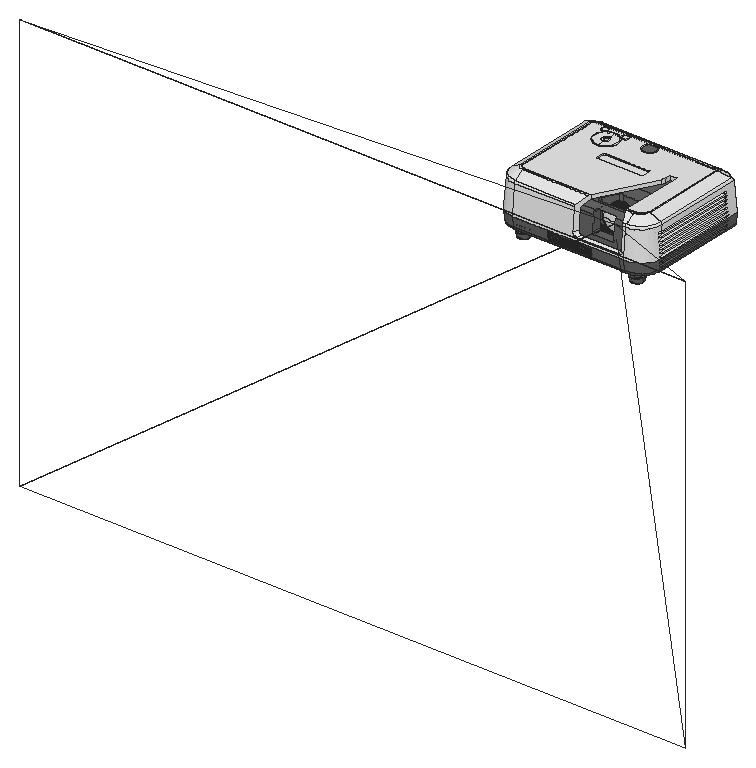
Revit family "Electronics_Visual Electronics_ViewSonic_LS700-HD-4K_Projector", category Electrical Equipment, Revit 2017
Family settings
  Panel Configuration = Two Columns, Circuits Across
  Round Connector Dimension = Use Diameter
  Part Type = Panelboard
  OmniClass Number = 23.80.00.00
  OmniClass Title = Electric Power and Lighting
  Work Plane-Based = No
  Always vertical = Yes
  Cut with Voids When Loaded = No
  Shared = No
  Room Calculation Point = No
Parameters (values of type "LS700-4K")
  c = / : "16 - 10"
  b = / : "16 - 9"
  a = / : "4  - 3"
  Zoom Control = if(Zoom < 1, 1, if(Zoom > 1.3, 1.3, Zoom))  # 1
  Zoom = 1
  Width = sqrt((Diagonal * Zoom Control) ^ 2 - Height ^ 2)  # 1741.177 mm
  Video Compatibility = "NTSC, PAL, SECAM"
  Vertical Scan Rate = "23-120Hz"
  URL = "https://www.viewsonic.com/us/ls700-4k.html"
  Throw Ratio = "1.13-1.47"
  Throw Distance = "1.5-8.79m"
  Resolution Support = "VGA(640 x 480) to 4K(3840 x 2160)"
  Projection System = "0.47\" 4K-UHD"
  Projection Offset = "100%+/-5%"
  Projection Distance = if(Image Aspect Ratio = a, (sqrt(Width ^ 2 + Height ^ 2) * 0.903) / (Zoom Control), if(and(Image Aspect Ratio = b, LS7004K), (sqrt(Width ^ 2 + Height ^ 2) * 0.427) / (Zoom Control), if(and(Image Aspect Ratio = b, LS700HD), (sqrt(Width ^ 2 + Height ^ 2) * 0.984) / (Zoom Control), if(and(Image Aspect Ratio = c, LS7004K), (sqrt(Width ^ 2 + Height ^ 2) * 0.4155) / (Zoom Control), if(and(Image Aspect Ratio = c, LS700HD), (sqrt(Width ^ 2 + Height ^ 2) * 0.958) / (Zoom Control), 0 mm)))))  # 854.268 mm
  Product data url = "https://www.bimobject.com/viewsonic/product/viewsonic_ls700-4k_projector"
  Product Guid = "0a2abd86-40ab-4542-9635-2b6c54f875b4"
  Optical Zoom = "1.3X"
  Native Resolution = "3840x2160"
  Model = "viewsonic_ls700-4k_projector"
  Manufacturer = "ViewSonic"
  Light Source Type = "Laser Phosphor system"
  Light Source Life (Normal) = "up to 20000"
  Lens = "F=1.9-2.49, f=12-15.6mm"
  Lamp Watt = "Nichia MCD"
  LS700HD = no
  LS7004K = yes
  Keystone = "+/- 40° (V)"
  Keynote = "16800"
  Input Lag = "66ms"
  Image Size = "60\" - 300\""
  Image Aspect Ratio = / : "16 - 10"
  IAR = if(Image Aspect Ratio = a, 1.3355, if(Image Aspect Ratio = b, 1.768, 1.5925))  # 1.5925
  Horizontal Frequency = "15K-102KHz"
  Height = sqrt((Diagonal ^ 2 * Zoom Control ^ 2) / (IAR ^ 2 + 1))  # 1093.361 mm
  HDTV Compatibility = "480i, 480p, 576i, 576p, 720p, 1080i, 1080p,2160P"
  Edition number = 1
  Display Colour = "1.07 Billion Colours"
  Digital Zoom = "0.8x - 2.0x"
  Diagonal (Zoom) = sqrt(Width ^ 2 + Height ^ 2)  # 2056 mm
  Diagonal = 2056 mm
  Description = "LS700-4K - 3840 x 2160 Resolution, 3,300 ANSI Lumens, 1.13-1.47 Throw Ratio\r\n\r\nCombining laser technology with 4K Ultra HD resolution and 3,300 lumens of high brightness, the LS700-4K projector delivers a premium home theater experience in any room, day or night. Utilizing the latest laser light technology that lasts up to 20,000 hours*, the LS700-4K delivers long-term enjoyment for movies, games, and other multimedia entertainment. Featuring HDR compatibility, exclusive SuperColor™ technology, and true Ultra HD 3840 x 2160 resolution, the LS700-4K delivers a breathtaking home cinema experience you expect to only get at the movie theater. With high brightness and room-filling sound, this projector provides bright visuals and immersive audio in nearly any room or environment. Set-up is a breeze too: 1.3x optical zoom and versatile connectivity options allow for more flexible mounting and easy installation. For an amazing home theater viewing experience with lifelike color and razor-sharp details, the LS700-4K delivers."
  DMD Type = "DC3"
  Covering Color = Plastic - ViewSonic - White
  Contrast Ratio = "3000000:1"
  Brightness = "3300 ANSI Lumens"
  Audible Noise (Normal) = "34dB"
  Audible Noise (Eco) = "32dB"
  Assembly Code = "D50"
Reference planes
  plane 1 "Center (Front/Back)": y = 0
  plane 2: z = 0
  plane 3 "Center (Left/Right)": x = 0
  plane 4: z = 111.797
  plane 5: y = -121.875
  plane 6: y = 118.236
  plane 7: x = -94.6
  plane 8: x = 87.651
Forms (mm)
  Sweep 1, solid, material "Plastic - ViewSonic - White" <- "Covering Color", visible <- "LS700HD", detail levels fine
    path origin (0, 0, 0) x (1, 0, 0) y (0, 1, 0)
      loop
        line (147.005, 130.208) -> (158.839, 130.208) -> (171.941, 122.946) -> (171.941, -100.684)
        arc (171.941, -100.684) -> (163.154, -121.897) -> (141.941, -130.684) r 30
        line (141.941, -130.684) -> (-147.941, -130.684)
        arc (-147.941, -130.684) -> (-164.911, -123.654) -> (-171.941, -106.684) r 24
        line (-171.941, -106.684) -> (-171.941, 122.946) -> (-158.839, 130.208) -> (-147.005, 130.208)
    profile origin (-171.941, 122.946, 0) x (-1, 0, 0) y (0, 0, 1)
      loop
        arc (-5.737, 155.807) -> (-7.624, 156.541) -> (-9.633, 156.786) r 8.146
        line (-9.633, 156.786) -> (-9.633, 146.4) -> (6.84, 136.889)
        arc (6.84, 136.889) -> (10.797, 133.068) -> (12.497, 127.836) r 11.369
        line (12.497, 127.836) -> (17.178, 60.903) -> (27.202, 60.903) -> (21.97, 135.72)
        arc (21.97, 135.72) -> (21.101, 138.847) -> (19.074, 141.382) r 8.107
        spline (19.074, 141.382) -> (17.039, 142.639) -> (14.997, 143.885) -> (12.95, 145.122) -> (10.897, 146.349) -> (8.837, 147.566) -> (6.772, 148.774) -> (4.702, 149.971) -> (2.625, 151.158) -> (0.543, 152.335) -> (-1.545, 153.503) -> (-3.638, 154.66) -> (-5.737, 155.807)
      loop
        line (27.187, 60.682) -> (17.162, 60.682) -> (15.726, 40.147)
        arc (15.726, 40.147) -> (14.98, 37.849) -> (13.244, 36.169) r 5
        line (13.244, 36.169) -> (-0.993, 27.925) -> (-0.993, 17.525)
        arc (-0.993, 17.525) -> (0.798, 17.702) -> (2.468, 18.373) r 6.347
        line (2.468, 18.373) -> (21.599, 29.452)
        arc (21.599, 29.452) -> (24.281, 32.046) -> (25.432, 35.595) r 7.721
        line (25.432, 35.595) -> (27.187, 60.682)
  Extrusion 2, void
    sketch origin (0, 0, 0) x (0, 1, 0) y (0, 0, 1)
      loop
        arc (-109.875, 123.797) -> (-112.875, 120.797) -> (-109.875, 117.797) r 3
        line (-109.875, 117.797) -> (110.125, 117.797)
        arc (110.125, 117.797) -> (113.125, 120.797) -> (110.125, 123.797) r 3
        line (110.125, 123.797) -> (-109.875, 123.797)
      loop
        arc (-109.875, 114.797) -> (-112.875, 111.797) -> (-109.875, 108.797) r 3
        line (-109.875, 108.797) -> (110.125, 108.797)
        arc (110.125, 108.797) -> (113.125, 111.797) -> (110.125, 114.797) r 3
        line (110.125, 114.797) -> (-109.875, 114.797)
      loop
        arc (-109.875, 105.797) -> (-112.875, 102.797) -> (-109.875, 99.797) r 3
        line (-109.875, 99.797) -> (110.125, 99.797)
        arc (110.125, 99.797) -> (113.125, 102.797) -> (110.125, 105.797) r 3
        line (110.125, 105.797) -> (-109.875, 105.797)
      loop
        arc (-109.875, 96.797) -> (-112.875, 93.797) -> (-109.875, 90.797) r 3
        line (-109.875, 90.797) -> (110.125, 90.797)
        arc (110.125, 90.797) -> (113.125, 93.797) -> (110.125, 96.797) r 3
        line (110.125, 96.797) -> (-109.875, 96.797)
      loop
        arc (-109.875, 87.797) -> (-112.875, 84.797) -> (-109.875, 81.797) r 3
        line (-109.875, 81.797) -> (110.125, 81.797)
        arc (110.125, 81.797) -> (113.125, 84.797) -> (110.125, 87.797) r 3
        line (110.125, 87.797) -> (-109.875, 87.797)
      loop
        arc (-109.875, 78.797) -> (-112.875, 75.797) -> (-109.875, 72.797) r 3
        line (-109.875, 72.797) -> (110.125, 72.797)
        arc (110.125, 72.797) -> (113.125, 75.797) -> (110.125, 78.797) r 3
        line (110.125, 78.797) -> (-109.875, 78.797)
      loop
        arc (-109.875, 69.797) -> (-112.875, 66.797) -> (-109.875, 63.797) r 3
        line (-109.875, 63.797) -> (110.125, 63.797)
        arc (110.125, 63.797) -> (113.125, 66.797) -> (110.125, 69.797) r 3
        line (110.125, 69.797) -> (-109.875, 69.797)
      loop
        arc (-109.875, 57.5) -> (-112.875, 54.5) -> (-109.875, 51.5) r 3
        line (-109.875, 51.5) -> (110.125, 51.5)
        arc (110.125, 51.5) -> (113.125, 54.5) -> (110.125, 57.5) r 3
        line (110.125, 57.5) -> (-109.875, 57.5)
      loop
        arc (-109.875, 48.5) -> (-112.875, 45.5) -> (-109.875, 42.5) r 3
        line (-109.875, 42.5) -> (110.125, 42.5)
        arc (110.125, 42.5) -> (113.125, 45.5) -> (110.125, 48.5) r 3
        line (110.125, 48.5) -> (-109.875, 48.5)
      loop
        arc (-109.875, 40.5) -> (-112.875, 37.5) -> (-109.875, 34.5) r 3
        line (-109.875, 34.5) -> (110.125, 34.5)
        arc (110.125, 34.5) -> (113.125, 37.5) -> (110.125, 40.5) r 3
        line (110.125, 40.5) -> (-109.875, 40.5)
    from -248.129 to 250
  Extrusion 3, solid, material "Plastic - ViewSonic - White" <- "Covering Color", visible <- "LS700HD", detail levels fine
    sketch origin (0, 0, 0) x (1, 0, 0) y (0, 1, 0)
      loop
        arc (98.91, 18.655) -> (100.815, 23.723) -> (101.463, 29.098) r 22.638
        line (101.463, 29.098) -> (101.463, 41.46)
        arc (101.463, 41.46) -> (101.756, 42.167) -> (102.463, 42.46) r 1
        line (102.463, 42.46) -> (118.47, 42.46)
        arc (118.47, 42.46) -> (119.177, 42.167) -> (119.47, 41.46) r 1
        line (119.47, 41.46) -> (119.47, -121.05) -> (141.941, -121.05)
        arc (141.941, -121.05) -> (156.342, -115.085) -> (162.307, -100.684) r 20.367
        line (162.307, -100.684) -> (162.307, 117.271) -> (156.348, 120.575) -> (-156.348, 120.575) -> (-162.307, 117.271) -> (-162.307, -106.684)
        arc (-162.307, -106.684) -> (-158.099, -116.842) -> (-147.941, -121.05) r 14.367
        line (-147.941, -121.05) -> (26.274, -121.05) -> (98.91, 18.655)
    from 146.4 to 156.786
  SweptBlend 4, void
    path origin (0, 0, 0) x (1, 0, 0) y (0, 1, 0)
      loop
        line (71.75, -119.085) -> (71.75, -164.085)
    profile origin (71.75, -119.085, 0) x (1, 0, 0) y (0, 0, 1)
      loop
        line (-44.226, 163.857) -> (-44.226, 87.188)
        arc (-44.226, 87.188) -> (-42.761, 83.652) -> (-39.226, 82.188) r 5
        line (-39.226, 82.188) -> (41.788, 82.188)
        arc (41.788, 82.188) -> (45.323, 83.652) -> (46.788, 87.188) r 5
        line (46.788, 87.188) -> (46.788, 163.857) -> (-44.226, 163.857)
    end profile origin (71.75, -164.085, 0) x (1, 0, 0) y (0, 0, 1)
      loop
        line (-44.055, 174.063) -> (-65.704, 148.262)
        arc (-65.704, 148.262) -> (-68.794, 142.801) -> (-69.721, 136.595) r 17.216
        line (-69.721, 136.595) -> (-67.635, 76.839)
        arc (-67.635, 76.839) -> (-64.587, 69.994) -> (-57.641, 67.188) r 10
        line (-57.641, 67.188) -> (58.146, 67.188)
        arc (58.146, 67.188) -> (65.217, 70.117) -> (68.146, 77.188) r 10
        line (68.146, 77.188) -> (68.146, 174.063) -> (-44.055, 174.063)
  Extrusion 5, solid, material "Plastic - ViewSonic - Black", visible <- "LS700HD", detail levels medium+fine
    sketch origin (0, 0, 0) x (0, 1, 0) y (0, 0, 1)
      loop
        arc (-137.524, 136.889) -> (-141.481, 133.068) -> (-143.181, 127.836) r 11.369
        line (-143.181, 127.836) -> (-147.861, 60.903) -> (-146.398, 39.972)
        arc (-146.398, 39.972) -> (-145.692, 37.801) -> (-144.051, 36.216) r 4.717
        line (-144.051, 36.216) -> (-129.691, 27.925) -> (118.95, 27.925) -> (118.95, 146.4) -> (-26.05, 146.4) -> (-121.05, 146.4) -> (-137.524, 136.889)
      loop
        line (-127.812, 60.903) -> (-73.41, 60.903) -> (-73.41, 126.441) -> (-123.23, 126.441) -> (-127.812, 60.903)
    from -153.533 to 148.354
  SweptBlend 6, void
    path origin (0, 0, 0) x (1, 0, 0) y (0, 1, 0)
      loop
        line (74.47, -110.372) -> (74.47, -160.372)
    profile origin (74.47, -110.372, 0) x (1, 0, 0) y (0, 0, 1)
      loop
        arc (-15.995, 136.838) -> (-19.53, 135.374) -> (-20.995, 131.838) r 5
        line (-20.995, 131.838) -> (-20.995, 91.838)
        arc (-20.995, 91.838) -> (-19.53, 88.302) -> (-15.995, 86.838) r 5
        line (-15.995, 86.838) -> (24.005, 86.838)
        arc (24.005, 86.838) -> (27.541, 88.302) -> (29.005, 91.838) r 5
        line (29.005, 91.838) -> (29.005, 131.838)
        arc (29.005, 131.838) -> (27.541, 135.374) -> (24.005, 136.838) r 5
        line (24.005, 136.838) -> (-15.995, 136.838)
    end profile origin (74.47, -160.372, 0) x (1, 0, 0) y (0, 0, 1)
      loop
        line (-21.348, 83.085) -> (28.652, 83.085)
        arc (28.652, 83.085) -> (32.187, 84.55) -> (33.652, 88.085) r 5
        line (33.652, 88.085) -> (33.652, 138.085)
        arc (33.652, 138.085) -> (32.187, 141.621) -> (28.652, 143.085) r 5
        line (28.652, 143.085) -> (-21.348, 143.085)
        arc (-21.348, 143.085) -> (-24.884, 141.621) -> (-26.348, 138.085) r 5
        line (-26.348, 138.085) -> (-26.348, 88.085)
        arc (-26.348, 88.085) -> (-24.884, 84.55) -> (-21.348, 83.085) r 5
  SweptBlend 7, void
    path origin (0, 0, 0) x (1, 0, 0) y (0, 0, 1)
      loop
        line (79, 81.872) -> (79, 158.609)
    profile origin (79, 0, 81.872) x (-1, 0, 0) y (0, -1, 0)
      loop
        arc (12.995, 73.41) -> (15.682, 74.193) -> (17.527, 76.297) r 5
        line (17.527, 76.297) -> (27.054, 96.729)
        arc (27.054, 96.729) -> (26.425, 106.328) -> (17.991, 110.955) r 10
        line (17.991, 110.955) -> (-20.409, 110.955)
        arc (-20.409, 110.955) -> (-23.945, 109.49) -> (-25.409, 105.955) r 5
        line (-25.409, 105.955) -> (-25.409, 78.41)
        arc (-25.409, 78.41) -> (-23.945, 74.874) -> (-20.409, 73.41) r 5
        line (-20.409, 73.41) -> (12.995, 73.41)
    end profile origin (79, 0, 158.609) x (-1, 0, 0) y (0, -1, 0)
      loop
        arc (13.651, 63.14) -> (18.355, 64.456) -> (21.693, 68.022) r 9.064
        line (21.693, 68.022) -> (41.6, 106.311)
        arc (41.6, 106.311) -> (41.366, 113.383) -> (35.2, 116.853) r 7.214
        line (35.2, 116.853) -> (-28.119, 116.853)
        arc (-28.119, 116.853) -> (-33.809, 114.496) -> (-36.165, 108.806) r 8.047
        line (-36.165, 108.806) -> (-36.165, 71.271)
        arc (-36.165, 71.271) -> (-33.784, 65.521) -> (-28.034, 63.14) r 8.132
        line (-28.034, 63.14) -> (13.651, 63.14)
  Revolve 8, solid, material "Plastic - ViewSonic - White" <- "Covering Color", visible <- "LS700HD", detail levels medium+fine
    sketch origin (-6096, -112.875, 111.797) x (0, 1, 0) y (-1, 0, 0)
      loop
        line (39.465, -6175) -> (-4.93, -6175)
        arc (-4.93, -6175) -> (-3.621, -6188.248) -> (0.257, -6200.982) r 67.662
        line (0.257, -6200.982) -> (1.817, -6200.982) -> (1.817, -6205.553) -> (2.783, -6205.22) -> (3.789, -6205.489) -> (4.791, -6205.202) -> (5.795, -6205.471) -> (6.786, -6205.187) -> (7.793, -6205.475) -> (8.788, -6205.19) -> (9.792, -6205.478) -> (10.788, -6205.193) -> (11.792, -6205.481) -> (12.789, -6205.195) -> (13.794, -6205.483) -> (14.79, -6205.197) -> (15.78, -6205.519) -> (16.777, -6205.156) -> (17.801, -6205.45) -> (18.784, -6205.186) -> (19.793, -6205.476) -> (20.837, -6205.196) -> (21.795, -6205.471) -> (22.792, -6205.204) -> (23.792, -6205.49) -> (24.89, -6205.196) -> (25.76, -6205.602) -> (26.798, -6205.224) -> (27.792, -6205.49) -> (28.803, -6205.122) -> (29.768, -6205.572) -> (30.791, -6205.2) -> (30.791, -6192.016) -> (39.465, -6192.016) -> (39.465, -6175)
      axis (-4.93, -6175) -> (39.465, -6175)
    angle from 0 to 360
  Extrusion 9, void
    sketch origin (0, 0, 0) x (1, 0, 0) y (0, 0, 1)
      loop
        circle (-56.003, 56.499) r 1.029
      loop
        circle (-52.003, 56.499) r 1.029
      loop
        circle (-48.003, 56.499) r 1.029
      loop
        circle (-44.003, 56.499) r 1.029
      loop
        circle (-40.003, 56.499) r 1.029
      loop
        circle (-36.003, 56.499) r 1.029
      loop
        circle (-32.003, 56.499) r 1.029
      loop
        circle (-28.003, 56.499) r 1.029
      loop
        circle (-24.003, 56.499) r 1.029
      loop
        circle (-20.003, 56.499) r 1.029
      loop
        circle (-16.003, 56.499) r 1.029
      loop
        circle (-12.003, 56.499) r 1.029
      loop
        circle (15.997, 56.499) r 1.029
      loop
        circle (19.997, 56.499) r 1.029
      loop
        circle (23.997, 56.499) r 1.029
      loop
        circle (27.997, 56.499) r 1.029
      loop
        circle (31.997, 56.499) r 1.029
      loop
        circle (35.997, 56.499) r 1.029
      loop
        circle (-8.003, 56.499) r 1.029
      loop
        circle (-4.003, 56.499) r 1.029
      loop
        circle (-0.003, 56.499) r 1.029
      loop
        circle (3.997, 56.499) r 1.029
      loop
        circle (7.997, 56.499) r 1.029
      loop
        circle (11.997, 56.499) r 1.029
      loop
        circle (39.997, 56.499) r 1.029
      loop
        circle (43.997, 56.499) r 1.029
      loop
        circle (47.997, 56.499) r 1.029
      loop
        circle (51.997, 56.499) r 1.029
      loop
        circle (55.997, 56.499) r 1.029
      loop
        circle (-56.003, 52.499) r 1.029
      loop
        circle (-52.003, 52.499) r 1.029
      loop
        circle (-48.003, 52.499) r 1.029
      loop
        circle (-44.003, 52.499) r 1.029
      loop
        circle (-40.003, 52.499) r 1.029
      loop
        circle (-36.003, 52.499) r 1.029
      loop
        circle (-32.003, 52.499) r 1.029
      loop
        circle (-28.003, 52.499) r 1.029
      loop
        circle (-24.003, 52.499) r 1.029
      loop
        circle (-20.003, 52.499) r 1.029
      loop
        circle (-16.003, 52.499) r 1.029
      loop
        circle (-12.003, 52.499) r 1.029
      loop
        circle (15.997, 52.499) r 1.029
      loop
        circle (19.997, 52.499) r 1.029
      loop
        circle (23.997, 52.499) r 1.029
      loop
        circle (27.997, 52.499) r 1.029
      loop
        circle (31.997, 52.499) r 1.029
      loop
        circle (35.997, 52.499) r 1.029
      loop
        circle (-8.003, 52.499) r 1.029
      loop
        circle (-4.003, 52.499) r 1.029
      loop
        circle (-0.003, 52.499) r 1.029
      loop
        circle (3.997, 52.499) r 1.029
      loop
        circle (7.997, 52.499) r 1.029
      loop
        circle (11.997, 52.499) r 1.029
      loop
        circle (39.997, 52.499) r 1.029
      loop
        circle (43.997, 52.499) r 1.029
      loop
        circle (47.997, 52.499) r 1.029
      loop
        circle (51.997, 52.499) r 1.029
      loop
        circle (55.997, 52.499) r 1.029
      loop
        circle (-56.003, 48.499) r 1.029
      loop
        circle (-52.003, 48.499) r 1.029
      loop
        circle (-48.003, 48.499) r 1.029
      loop
        circle (-44.003, 48.499) r 1.029
      loop
        circle (-40.003, 48.499) r 1.029
      loop
        circle (-36.003, 48.499) r 1.029
      loop
        circle (-32.003, 48.499) r 1.029
      loop
        circle (-28.003, 48.499) r 1.029
      loop
        circle (-24.003, 48.499) r 1.029
      loop
        circle (-20.003, 48.499) r 1.029
      loop
        circle (-16.003, 48.499) r 1.029
      loop
        circle (-12.003, 48.499) r 1.029
      loop
        circle (15.997, 48.499) r 1.029
      loop
        circle (19.997, 48.499) r 1.029
      loop
        circle (23.997, 48.499) r 1.029
      loop
        circle (27.997, 48.499) r 1.029
      loop
        circle (31.997, 48.499) r 1.029
      loop
        circle (35.997, 48.499) r 1.029
      loop
        circle (-8.003, 48.499) r 1.029
      loop
        circle (-4.003, 48.499) r 1.029
      loop
        circle (-0.003, 48.499) r 1.029
      loop
        circle (3.997, 48.499) r 1.029
      loop
        circle (7.997, 48.499) r 1.029
      loop
        circle (11.997, 48.499) r 1.029
      loop
        circle (39.997, 48.499) r 1.029
      loop
        circle (43.997, 48.499) r 1.029
      loop
        circle (47.997, 48.499) r 1.029
      loop
        circle (51.997, 48.499) r 1.029
      loop
        circle (55.997, 48.499) r 1.029
      loop
        circle (-56.003, 44.499) r 1.029
      loop
        circle (-52.003, 44.499) r 1.029
      loop
        circle (-48.003, 44.499) r 1.029
      loop
        circle (-44.003, 44.499) r 1.029
      loop
        circle (-40.003, 44.499) r 1.029
      loop
        circle (-36.003, 44.499) r 1.029
      loop
        circle (-32.003, 44.499) r 1.029
      loop
        circle (-28.003, 44.499) r 1.029
      loop
        circle (-24.003, 44.499) r 1.029
      loop
        circle (-20.003, 44.499) r 1.029
      loop
        circle (-16.003, 44.499) r 1.029
      loop
        circle (-12.003, 44.499) r 1.029
      loop
        circle (15.997, 44.499) r 1.029
      loop
        circle (19.997, 44.499) r 1.029
      loop
        circle (23.997, 44.499) r 1.029
      loop
        circle (27.997, 44.499) r 1.029
      loop
        circle (31.997, 44.499) r 1.029
      loop
        circle (35.997, 44.499) r 1.029
      loop
        circle (-8.003, 44.499) r 1.029
      loop
        circle (-4.003, 44.499) r 1.029
      loop
        circle (-0.003, 44.499) r 1.029
      loop
        circle (3.997, 44.499) r 1.029
      loop
        circle (7.997, 44.499) r 1.029
      loop
        circle (11.997, 44.499) r 1.029
      loop
        circle (39.997, 44.499) r 1.029
      loop
        circle (43.997, 44.499) r 1.029
      loop
        circle (47.997, 44.499) r 1.029
      loop
        circle (51.997, 44.499) r 1.029
      loop
        circle (55.997, 44.499) r 1.029
      loop
        circle (-56.003, 40.499) r 1.029
      loop
        circle (-52.003, 40.499) r 1.029
      loop
        circle (-48.003, 40.499) r 1.029
      loop
        circle (-44.003, 40.499) r 1.029
      loop
        circle (-40.003, 40.499) r 1.029
      loop
        circle (-36.003, 40.499) r 1.029
      loop
        circle (-32.003, 40.499) r 1.029
      loop
        circle (-28.003, 40.499) r 1.029
      loop
        circle (-24.003, 40.499) r 1.029
      loop
        circle (-20.003, 40.499) r 1.029
      loop
        circle (-16.003, 40.499) r 1.029
      loop
        circle (-12.003, 40.499) r 1.029
      loop
        circle (15.997, 40.499) r 1.029
      loop
        circle (19.997, 40.499) r 1.029
      loop
        circle (23.997, 40.499) r 1.029
      loop
        circle (27.997, 40.499) r 1.029
      loop
        circle (31.997, 40.499) r 1.029
      loop
        circle (35.997, 40.499) r 1.029
      loop
        circle (-8.003, 40.499) r 1.029
      loop
        circle (-4.003, 40.499) r 1.029
      loop
        circle (-0.003, 40.499) r 1.029
      loop
        circle (3.997, 40.499) r 1.029
      loop
        circle (7.997, 40.499) r 1.029
      loop
        circle (11.997, 40.499) r 1.029
      loop
        circle (39.997, 40.499) r 1.029
      loop
        circle (43.997, 40.499) r 1.029
      loop
        circle (47.997, 40.499) r 1.029
      loop
        circle (51.997, 40.499) r 1.029
      loop
        circle (55.997, 40.499) r 1.029
      loop
        circle (-56.003, 36.499) r 1.029
      loop
        circle (-52.003, 36.499) r 1.029
      loop
        circle (-48.003, 36.499) r 1.029
      loop
        circle (-44.003, 36.499) r 1.029
      loop
        circle (-40.003, 36.499) r 1.029
      loop
        circle (-36.003, 36.499) r 1.029
      loop
        circle (-32.003, 36.499) r 1.029
      loop
        circle (-28.003, 36.499) r 1.029
      loop
        circle (-24.003, 36.499) r 1.029
      loop
        circle (-20.003, 36.499) r 1.029
      loop
        circle (-16.003, 36.499) r 1.029
      loop
        circle (-12.003, 36.499) r 1.029
      loop
        circle (15.997, 36.499) r 1.029
      loop
        circle (19.997, 36.499) r 1.029
      loop
        circle (23.997, 36.499) r 1.029
      loop
        circle (27.997, 36.499) r 1.029
      loop
        circle (31.997, 36.499) r 1.029
      loop
        circle (35.997, 36.499) r 1.029
      loop
        circle (-8.003, 36.499) r 1.029
      loop
        circle (-4.003, 36.499) r 1.029
      loop
        circle (-0.003, 36.499) r 1.029
      loop
        circle (3.997, 36.499) r 1.029
      loop
        circle (7.997, 36.499) r 1.029
      loop
        circle (11.997, 36.499) r 1.029
      loop
        circle (39.997, 36.499) r 1.029
      loop
        circle (43.997, 36.499) r 1.029
      loop
        circle (47.997, 36.499) r 1.029
      loop
        circle (51.997, 36.499) r 1.029
      loop
        circle (55.997, 36.499) r 1.029
    from 0 to 250
  Extrusion 10, solid, material "Plastic - ViewSonic - Black", visible <- "LS700HD", detail levels fine
    sketch origin (0, 0, 0) x (1, 0, 0) y (0, 1, 0)
      loop
        line (170.948, -100.684) -> (170.948, 122.361) -> (158.583, 129.215) -> (-147.005, 129.215) -> (-158.583, 129.215) -> (-170.948, 122.361) -> (-170.948, -106.684)
        arc (-170.948, -106.684) -> (-164.209, -122.952) -> (-147.941, -129.691) r 23.007
        line (-147.941, -129.691) -> (141.941, -129.691)
        arc (141.941, -129.691) -> (162.452, -121.195) -> (170.948, -100.684) r 29.007
    from 17.525 to 27.925
  Extrusion 11, solid, material "Plastic - ViewSonic - White" <- "Covering Color", visible <- "LS700HD", detail levels fine
    sketch origin (0, 0, 0) x (0, 1, 0) y (0, 0, 1)
      loop
        line (157.41, 60.903) -> (152.178, 135.72)
        arc (152.178, 135.72) -> (151.308, 138.847) -> (149.282, 141.382) r 8.107
        spline (149.282, 141.382) -> (147.246, 142.639) -> (145.205, 143.885) -> (143.158, 145.122) -> (141.104, 146.349) -> (139.045, 147.566) -> (136.98, 148.774) -> (134.91, 149.971) -> (132.833, 151.158) -> (130.751, 152.335) -> (128.663, 153.503) -> (126.57, 154.66) -> (124.471, 155.807)
        arc (124.471, 155.807) -> (122.584, 156.541) -> (120.575, 156.786) r 8.146
        line (120.575, 156.786) -> (120.575, 17.525) -> (129.215, 17.525)
        arc (129.215, 17.525) -> (131.006, 17.702) -> (132.676, 18.373) r 6.347
        line (132.676, 18.373) -> (151.807, 29.452)
        arc (151.807, 29.452) -> (154.488, 32.046) -> (155.64, 35.595) r 7.721
        line (155.64, 35.595) -> (157.41, 60.903)
    from -147.005 to 147.005
  Extrusion 12, void
    sketch origin (0, 0, 0) x (1, 0, 0) y (0, 0, 1)
      loop
        line (147.005, 20.625) -> (147.005, 130.931)
        arc (147.005, 130.931) -> (145, 135.773) -> (140.158, 137.778) r 6.847
        line (140.158, 137.778) -> (-139.917, 137.778)
        arc (-139.917, 137.778) -> (-144.929, 135.702) -> (-147.005, 130.69) r 7.089
        line (-147.005, 130.69) -> (-147.005, 20.625) -> (147.005, 20.625)
    from -331.007 to -135.825
  Extrusion 13, solid, material "Plastic - ViewSonic - Black", visible <- "LS700HD", detail levels fine
    sketch origin (0, 0, 0) x (0, 1, 0) y (0, 0, 1)
      loop
        line (147.386, 60.903) -> (142.707, 127.815)
        arc (142.707, 127.815) -> (141.001, 133.065) -> (137.03, 136.9) r 11.41
        line (137.03, 136.9) -> (120.575, 146.4) -> (120.575, 27.925) -> (129.215, 27.925) -> (143.452, 36.169)
        arc (143.452, 36.169) -> (145.188, 37.849) -> (145.934, 40.147) r 5
        line (145.934, 40.147) -> (147.386, 60.903)
    from 147.005 to 162.307
  Extrusion 14, solid, material "Plastic - ViewSonic - Black", visible <- "LS700HD", detail levels fine
    sketch origin (0, 0, 0) x (0, 1, 0) y (0, 0, -1)
      loop
        line (147.386, -60.903) -> (145.934, -40.147)
        arc (145.934, -40.147) -> (145.188, -37.849) -> (143.452, -36.169) r 5
        line (143.452, -36.169) -> (129.215, -27.925) -> (120.575, -27.925) -> (120.575, -146.4) -> (137.03, -136.9)
        arc (137.03, -136.9) -> (141.001, -133.065) -> (142.707, -127.815) r 11.41
        line (142.707, -127.815) -> (147.386, -60.903)
    from 147.005 to 162.307
  Revolve 15, solid, material "Plastic - ViewSonic - Black", visible <- "LS700HD", detail levels fine
    sketch origin (-6096, -121.875, 13.244) x (0, 0, 1) y (-1, 0, 0)
      loop
        line (-13.244, -5948.021) -> (4.281, -5948.021) -> (4.281, -5940.021) -> (-1.744, -5940.021) -> (-1.744, -5931.899) -> (-2.576, -5931.067) -> (-11.519, -5932.007) -> (-12.244, -5932.733) -> (-12.244, -5934.121) -> (-13.244, -5934.121) -> (-13.244, -5948.021)
      axis (4.281, -5948.021) -> (-13.244, -5948.021)
    angle from 0 to 360
  Revolve 16, solid, material "Plastic - ViewSonic - Black", visible <- "LS700HD", detail levels fine
    sketch origin (6096, -121.875, 13.244) x (0, 0, 1) y (-1, 0, 0)
      loop
        line (-13.244, 5948.021) -> (-13.244, 5934.121) -> (-12.244, 5934.121) -> (-12.244, 5932.733) -> (-11.519, 5932.007) -> (-2.576, 5931.067) -> (-1.744, 5931.899) -> (-1.744, 5940.021) -> (4.281, 5940.021) -> (4.281, 5948.021) -> (-13.244, 5948.021)
      axis (4.281, 5948.021) -> (-13.244, 5948.021)
    angle from 0 to 360
  Revolve 17, solid, material "Plastic - ViewSonic - Black", visible <- "LS700HD", detail levels fine
    sketch origin (-6096, 118.236, 0) x (0, 0, 1) y (-1, 0, 0)
      loop
        line (17.525, -5969.418) -> (4.057, -5970.588) -> (4.057, -5971.894)
        arc (4.057, -5971.894) -> (1.202, -5976.078) -> (0, -5981) r 14.179
        line (0, -5981) -> (17.525, -5981) -> (17.525, -5969.418)
      axis (17.525, -5981) -> (0, -5981)
    angle from 0 to 360
  Revolve 18, solid, material "Plastic - ViewSonic - Black", visible <- "LS700HD", detail levels fine
    sketch origin (6096, 118.236, 0) x (0, 0, 1) y (-1, 0, 0)
      loop
        line (17.525, 5969.418) -> (17.525, 5981) -> (0, 5981)
        arc (0, 5981) -> (1.202, 5976.078) -> (4.057, 5971.894) r 14.179
        line (4.057, 5971.894) -> (4.057, 5970.588) -> (17.525, 5969.418)
      axis (17.525, 5981) -> (0, 5981)
    angle from 0 to 360
  Extrusion 19, void
    sketch origin (0, 0, 0) x (1, 0, 0) y (0, 1, 0)
      loop
        line (56.306, 31.628) -> (-56.686, 31.628)
        arc (-56.686, 31.628) -> (-59.727, 30.369) -> (-60.986, 27.328) r 4.3
        line (-60.986, 27.328) -> (-60.986, 9.58)
        arc (-60.986, 9.58) -> (-59.727, 6.539) -> (-56.686, 5.28) r 4.3
        line (-56.686, 5.28) -> (56.306, 5.28)
        arc (56.306, 5.28) -> (59.346, 6.539) -> (60.606, 9.58) r 4.3
        line (60.606, 9.58) -> (60.606, 27.328)
        arc (60.606, 27.328) -> (59.346, 30.369) -> (56.306, 31.628) r 4.3
    from 154.402 to 250
  Extrusion 20, void
    sketch origin (0, 0, 0) x (1, 0, 0) y (0, 1, 0)
      loop
        circle (-95, 78.625) r 30.75
      loop
        circle (-122, 109.479) r 9
      loop
        circle (-68, 109.479) r 9
      loop
        arc (18.173, 102.625) -> (16.446, 111.42) -> (10.731, 118.325) r 18.2
        line (10.731, 118.325) -> (-10.731, 118.325)
        arc (-10.731, 118.325) -> (-16.446, 111.42) -> (-18.172, 102.625) r 18.2
        arc (-18.172, 102.625) -> (0, 85.425) -> (18.173, 102.625) r 18.2
    from 141.382 to 250
  Revolve 21, solid, material "Plastic - ViewSonic - White" <- "Covering Color", visible <- "LS700HD", detail levels fine
    sketch origin (-94.6, 74.556, 1200) x (0, -1, 0) y (0, 0, 1)
      loop
        line (-4.618, -1043.214) -> (-4.618, -1058.618) -> (25.432, -1058.618) -> (25.432, -1044.116)
        arc (25.432, -1044.116) -> (25.126, -1043.397) -> (24.397, -1043.117) r 1
        line (24.397, -1043.117) -> (5.772, -1043.767) -> (5.772, -1045.472) -> (3.692, -1045.472) -> (3.692, -1044.014)
        arc (3.692, -1044.014) -> (3.458, -1043.448) -> (2.892, -1043.214) r 0.8
        line (2.892, -1043.214) -> (-4.618, -1043.214)
      axis (-4.618, -1058.618) -> (-4.618, -1043.117)
    angle from 0 to 360
  Extrusion 22, solid, material "Plastic - ViewSonic - White" <- "Covering Color", visible <- "LS700HD", detail levels fine
    sketch origin (0, 0, 0) x (1, 0, 0) y (0, 1, 0)
      loop
        circle (-68, 109.479) r 8
      loop
        circle (-122, 109.479) r 8
    from 149.829 to 156.786
  Extrusion 23, solid, material "Plastic - ViewSonic - Black", visible <- "LS700HD", detail levels fine
    sketch origin (0, 0, 0) x (1, 0, 0) y (0, 1, 0)
      loop
        arc (-17.174, 102.68) -> (0, 86.425) -> (17.174, 102.68) r 17.2
        arc (17.174, 102.68) -> (15.611, 110.846) -> (10.4, 117.325) r 17.2
        line (10.4, 117.325) -> (-10.399, 117.325)
        arc (-10.399, 117.325) -> (-15.611, 110.846) -> (-17.174, 102.68) r 17.2
    from 141.382 to 156.786
  Sweep 24, solid, material "Plastic - ViewSonic - White" <- "Covering Color", visible <- "LS700HD", detail levels medium
    path origin (0, 0, 0) x (1, 0, 0) y (0, 1, 0)
      loop
        line (147.005, 130.208) -> (158.839, 130.208) -> (171.941, 122.946) -> (171.941, -100.684)
        arc (171.941, -100.684) -> (163.154, -121.897) -> (141.941, -130.684) r 30
        line (141.941, -130.684) -> (-147.941, -130.684)
        arc (-147.941, -130.684) -> (-164.911, -123.654) -> (-171.941, -106.684) r 24
        line (-171.941, -106.684) -> (-171.941, 122.946) -> (-158.839, 130.208) -> (-147.005, 130.208)
    profile origin (-171.941, 122.946, 0) x (-1, 0, 0) y (0, 0, 1)
      loop
        line (-7.548, 156.786) -> (-9.633, 156.786) -> (-9.633, 146.4) -> (12.076, 133.866) -> (17.178, 60.903) -> (27.202, 60.903) -> (21.689, 139.748)
        spline (21.689, 139.748) -> (19.297, 141.243) -> (16.897, 142.725) -> (14.489, 144.193) -> (12.073, 145.648) -> (9.648, 147.089) -> (7.215, 148.516) -> (4.774, 149.929) -> (2.325, 151.328) -> (-0.131, 152.714) -> (-2.596, 154.085) -> (-5.068, 155.443) -> (-7.548, 156.786)
      loop
        line (27.187, 60.682) -> (17.162, 60.682) -> (15.541, 37.499) -> (-0.993, 27.925) -> (-0.993, 16.37) -> (25.146, 31.506) -> (27.187, 60.682)
  Extrusion 25, solid, material "Plastic - ViewSonic - White" <- "Covering Color", visible <- "LS700HD", detail levels medium
    sketch origin (0, 0, 0) x (1, 0, 0) y (0, 1, 0)
      loop
        arc (98.91, 18.655) -> (100.815, 23.723) -> (101.463, 29.098) r 22.638
        line (101.463, 29.098) -> (101.463, 41.46)
        arc (101.463, 41.46) -> (101.756, 42.167) -> (102.463, 42.46) r 1
        line (102.463, 42.46) -> (118.47, 42.46)
        arc (118.47, 42.46) -> (119.177, 42.167) -> (119.47, 41.46) r 1
        line (119.47, 41.46) -> (119.47, -121.05) -> (141.941, -121.05)
        arc (141.941, -121.05) -> (156.342, -115.085) -> (162.307, -100.684) r 20.367
        line (162.307, -100.684) -> (162.307, 117.271) -> (156.348, 120.575) -> (-156.348, 120.575) -> (-162.307, 117.271) -> (-162.307, -106.684)
        arc (-162.307, -106.684) -> (-158.099, -116.842) -> (-147.941, -121.05) r 14.367
        line (-147.941, -121.05) -> (26.274, -121.05) -> (98.91, 18.655)
    from 146.4 to 156.786
  SweptBlend 26, void
    path origin (0, 0, 0) x (1, 0, 0) y (0, 1, 0)
      loop
        line (71.75, -119.085) -> (71.75, -164.085)
    profile origin (71.75, -119.085, 0) x (1, 0, 0) y (0, 0, 1)
      loop
        line (-44.226, 163.857) -> (-44.226, 87.188)
        arc (-44.226, 87.188) -> (-42.761, 83.652) -> (-39.226, 82.188) r 5
        line (-39.226, 82.188) -> (41.788, 82.188)
        arc (41.788, 82.188) -> (45.323, 83.652) -> (46.788, 87.188) r 5
        line (46.788, 87.188) -> (46.788, 163.857) -> (-44.226, 163.857)
    end profile origin (71.75, -164.085, 0) x (1, 0, 0) y (0, 0, 1)
      loop
        line (-44.055, 174.063) -> (-65.704, 148.262)
        arc (-65.704, 148.262) -> (-68.794, 142.801) -> (-69.721, 136.595) r 17.216
        line (-69.721, 136.595) -> (-67.635, 76.839)
        arc (-67.635, 76.839) -> (-64.587, 69.994) -> (-57.641, 67.188) r 10
        line (-57.641, 67.188) -> (58.146, 67.188)
        arc (58.146, 67.188) -> (65.217, 70.117) -> (68.146, 77.188) r 10
        line (68.146, 77.188) -> (68.146, 174.063) -> (-44.055, 174.063)
  Extrusion 27, solid, material "Plastic - ViewSonic - White" <- "Covering Color", visible <- "LS700HD", detail levels coarse+medium
    sketch origin (0, 0, 0) x (0, 1, 0) y (0, 0, 1)
      loop
        line (120.575, 156.786) -> (120.575, 146.4) -> (142.283, 133.866) -> (147.386, 60.903) -> (145.749, 37.499) -> (129.215, 27.925) -> (129.215, 16.37) -> (155.354, 31.506) -> (157.41, 60.903) -> (151.897, 139.748)
        spline (151.897, 139.748) -> (149.505, 141.243) -> (147.105, 142.725) -> (144.697, 144.193) -> (142.281, 145.648) -> (139.856, 147.089) -> (137.423, 148.516) -> (134.982, 149.929) -> (132.533, 151.328) -> (130.076, 152.714) -> (127.612, 154.085) -> (125.139, 155.443) -> (122.659, 156.786)
        line (122.659, 156.786) -> (120.575, 156.786)
    from -147.005 to 147.005
  Extrusion 28, solid, material "Plastic - ViewSonic - Black", visible <- "LS700HD", detail levels medium
    sketch origin (-500, 0, 0) x (1, 0, 0) y (0, 1, 0)
      loop
        line (658.583, 129.215) -> (341.417, 129.215) -> (329.052, 122.361) -> (329.052, -115.324)
        arc (329.052, -115.324) -> (333.26, -125.483) -> (343.419, -129.691) r 14.367
        line (343.419, -129.691) -> (650.581, -129.691)
        arc (650.581, -129.691) -> (664.983, -123.726) -> (670.948, -109.324) r 20.367
        line (670.948, -109.324) -> (670.948, 122.361) -> (658.583, 129.215)
    from 16.37 to 31.506
  Revolve 29, solid, material "Plastic - ViewSonic - Black", visible <- "LS700HD", detail levels coarse+medium
    sketch origin (-6096, -121.875, 13.244) x (0, 0, 1) y (-1, 0, 0)
      loop
        line (-13.244, -5948.021) -> (4.281, -5948.021) -> (4.281, -5940.021) -> (-1.744, -5940.021) -> (-1.744, -5930.98) -> (-13.244, -5932.189) -> (-13.244, -5948.021)
      axis (4.281, -5948.021) -> (-13.244, -5948.021)
    angle from 0 to 360
  Revolve 30, solid, material "Plastic - ViewSonic - Black", visible <- "LS700HD", detail levels coarse+medium
    sketch origin (6096, -121.875, 13.244) x (0, 0, 1) y (-1, 0, 0)
      loop
        line (-13.244, 5948.021) -> (-13.244, 5932.189) -> (-1.744, 5930.98) -> (-1.744, 5940.021) -> (4.281, 5940.021) -> (4.281, 5948.021) -> (-13.244, 5948.021)
      axis (4.281, 5948.021) -> (-13.244, 5948.021)
    angle from 0 to 360
  Revolve 31, solid, material "Plastic - ViewSonic - Black", visible <- "LS700HD", detail levels coarse+medium
    sketch origin (-6096, 118.236, 0) x (0, 0, 1) y (-1, 0, 0)
      loop
        line (17.525, -5969.418) -> (0, -5970.94) -> (0, -5981) -> (17.525, -5981) -> (17.525, -5969.418)
      axis (17.525, -5981) -> (0, -5981)
    angle from 0 to 360
  Revolve 32, solid, material "Plastic - ViewSonic - Black", visible <- "LS700HD", detail levels coarse+medium
    sketch origin (6096, 118.236, 0) x (0, 0, 1) y (-1, 0, 0)
      loop
        line (17.525, 5969.418) -> (17.525, 5981) -> (0, 5981) -> (0, 5970.94) -> (17.525, 5969.418)
      axis (17.525, 5981) -> (0, 5981)
    angle from 0 to 360
  Extrusion 33, void
    sketch origin (0, 0, 0) x (1, 0, 0) y (0, 0, 1)
      loop
        line (147.005, 130.931) -> (-147.005, 130.931) -> (-147.005, 0) -> (147.005, 0) -> (147.005, 130.931)
    from -392.927 to 95.074
  Extrusion 34, solid, material "Plastic - ViewSonic - Black", visible <- "LS700HD", detail levels coarse+medium
    sketch origin (0, 0, 0) x (0, 1, 0) y (0, 0, 1)
      loop
        line (120.575, 146.4) -> (120.575, 27.925) -> (129.215, 27.925) -> (145.749, 37.499) -> (147.386, 60.903) -> (142.283, 133.866) -> (120.575, 146.4)
    from 147.005 to 162.307
  Extrusion 35, solid, material "Plastic - ViewSonic - Black", visible <- "LS700HD", detail levels coarse+medium
    sketch origin (0, 0, 0) x (0, 1, 0) y (0, 0, -1)
      loop
        line (120.575, -146.4) -> (142.283, -133.866) -> (147.386, -60.903) -> (145.749, -37.499) -> (129.215, -27.925) -> (120.575, -27.925) -> (120.575, -146.4)
    from 147.005 to 162.307
  Extrusion 36, solid, material "Plastic - ViewSonic - White" <- "Covering Color", visible <- "LS700HD", detail levels coarse+medium
    sketch origin (0, 0, 0) x (1, 0, 0) y (0, 0, 1)
      loop
        circle (79.186, 111.797) r 30.5
    from 0 to 112.618
  Sweep 37, solid, material "Plastic - ViewSonic - White" <- "Covering Color", visible <- "LS700HD", detail levels coarse
    path origin (0, 0, 0) x (1, 0, 0) y (0, 1, 0)
      loop
        line (147.005, 130.208) -> (158.839, 130.208) -> (171.941, 122.946) -> (171.941, -100.684)
        arc (171.941, -100.684) -> (163.154, -121.897) -> (141.941, -130.684) r 30
        line (141.941, -130.684) -> (-147.941, -130.684)
        arc (-147.941, -130.684) -> (-164.911, -123.654) -> (-171.941, -106.684) r 24
        line (-171.941, -106.684) -> (-171.941, 122.946) -> (-158.839, 130.208) -> (-147.005, 130.208)
    profile origin (-171.941, 122.946, 0) x (-1, 0, 0) y (0, 0, 1)
      loop
        line (-7.548, 156.786) -> (-9.633, 156.786) -> (-9.633, 146.4) -> (12.076, 133.866) -> (17.178, 60.903) -> (27.202, 60.903) -> (21.689, 139.748)
        spline (21.689, 139.748) -> (19.297, 141.243) -> (16.897, 142.725) -> (14.489, 144.193) -> (12.073, 145.648) -> (9.648, 147.089) -> (7.215, 148.516) -> (4.774, 149.929) -> (2.325, 151.328) -> (-0.131, 152.714) -> (-2.596, 154.085) -> (-5.068, 155.443) -> (-7.548, 156.786)
      loop
        line (27.187, 60.682) -> (17.162, 60.682) -> (15.541, 37.499) -> (-0.993, 27.925) -> (-0.993, 16.37) -> (25.146, 31.506) -> (27.187, 60.682)
  Blend 38, solid, material "Plastic - ViewSonic - White" <- "Covering Color", visible <- "LS700HD", detail levels coarse
    base sketch origin (-365, 0, 0) x (1, 0, 0) y (0, 1, 0)
      loop
        line (535.948, 122.361) -> (523.583, 129.215) -> (206.417, 129.215) -> (194.052, 122.361) -> (194.052, -106.684)
        arc (194.052, -106.684) -> (200.791, -122.952) -> (217.059, -129.691) r 23.007
        line (217.059, -129.691) -> (506.941, -129.691)
        arc (506.941, -129.691) -> (527.452, -121.195) -> (535.948, -100.684) r 29.007
        line (535.948, -100.684) -> (535.948, 122.361)
    top sketch origin (-365, 0, 0) x (1, 0, 0) y (0, 1, 0)
      loop
        arc (506.941, -121.05) -> (521.342, -115.085) -> (527.307, -100.684) r 20.367
        line (527.307, -100.684) -> (527.307, 117.271) -> (521.348, 120.575) -> (208.652, 120.575) -> (202.693, 117.271) -> (202.693, -106.684)
        arc (202.693, -106.684) -> (206.901, -116.842) -> (217.059, -121.05) r 14.367
        line (217.059, -121.05) -> (506.941, -121.05)
    from 16.37 to 156.786
  Extrusion 39, solid, not visible
    sketch origin (0, 0, 0) x (1, 0, 0) y (0, 0, 1)
      loop
        line (117.48, 122.324) -> (107.48, 122.324) -> (107.48, 114.064) -> (117.48, 114.064) -> (117.48, 122.324)
      loop
        line (97.48, 122.324) -> (87.48, 122.324) -> (87.48, 114.064) -> (97.48, 114.064) -> (97.48, 122.324)
    from -142.283 to -135.825
Cuts and joins
  Extrusion 2, SweptBlend 4, Extrusion 9, Extrusion 12, SweptBlend 26, Extrusion 33 cuts Sweep 1
  Extrusion 2, Extrusion 19, Extrusion 20 cuts Extrusion 3
  SweptBlend 6, SweptBlend 7, Extrusion 9, Extrusion 19, Extrusion 20 cuts Extrusion 5
  Extrusion 12 cuts Revolve 8
  Extrusion 12, Extrusion 19, Extrusion 20 cuts Extrusion 10
  Extrusion 12, Extrusion 20 cuts Extrusion 11
  SweptBlend 26, Extrusion 33 cuts Sweep 24
  Extrusion 33 cuts Revolve 15
  Extrusion 33 cuts Revolve 16
  Extrusion 33 cuts Revolve 29
  Extrusion 33 cuts Revolve 30
  Extrusion 33 cuts Extrusion 27
Lines and regions (mm)
  Masking region 1, visible <- "LS700HD"
    outline origin (0, 0, 0) x (1, 0, 0) y (0, 1, 0)
      loop
        line (-147.005, 157.41) -> (-165.874, 157.41) -> (-199.143, 138.969) -> (-199.143, -109.955)
        arc (-199.143, -109.955) -> (-182.971, -143.994) -> (-147.941, -157.886) r 51.461
        line (-147.941, -157.886) -> (147.941, -157.886)
        arc (147.941, -157.886) -> (182.971, -143.994) -> (199.143, -109.955) r 51.461
        line (199.143, -109.955) -> (199.143, 138.969) -> (165.874, 157.41) -> (147.005, 157.41) -> (147.005, 152.513) -> (-147.005, 152.513) -> (-147.005, 157.41)
  symbolic lines, visible <- "LS700HD", detail levels medium+fine
    curve 1: line (136.954, -157.886, 0) -> (119.47, -121.05, 0)
    curve 2: line (119.47, -121.05, 0) -> (119.47, 42.46, 0)
    curve 3: line (101.463, 42.46, 0) -> (119.47, 42.46, 0)
    curve 4: line (101.463, 42.46, 0) -> (101.463, 29.098, 0)
    curve 5: arc (98.91, 18.655, 0) -> (100.815, 23.723, 0) -> (101.463, 29.098, 0) r 22.638
    curve 6: line (7.241, -157.657, 0) -> (98.91, 18.655, 0)
    curve 17: line (-147.005, 152.53, 0) -> (-147.005, 120.575, 0)
    curve 18: line (-147.005, 120.575, 0) -> (-156.348, 120.575, 0)
    curve 19: line (-156.348, 120.575, 0) -> (-162.307, 117.271, 0)
    curve 20: line (-162.307, 117.271, 0) -> (-162.307, -106.684, 0)
    curve 21: arc (-147.941, -121.05, 0) -> (-158.099, -116.842, 0) -> (-162.307, -106.684, 0) r 14.367
    curve 22: line (-147.941, -121.05, 0) -> (26.274, -121.05, 0)
    curve 23: arc (162.307, -100.684, 0) -> (156.342, -115.085, 0) -> (141.941, -121.05, 0) r 20.367
    curve 24: line (162.307, -100.684, 0) -> (162.307, 117.271, 0)
    curve 25: line (162.307, 117.271, 0) -> (156.348, 120.575, 0)
    curve 26: line (156.348, 120.575, 0) -> (147.005, 120.575, 0)
    curve 27: line (147.005, 120.575, 0) -> (147.005, 152.513, 0)
    curve 28: line (119.47, -121.05, 0) -> (141.941, -121.05, 0)
  symbolic lines, visible <- "LS700HD", detail levels fine
    curve 7: arc (-18.172, 102.625, 0) -> (0, 85.425, 0) -> (18.173, 102.625, 0) r 18.2
    curve 8: arc (18.173, 102.625, 0) -> (16.446, 111.42, 0) -> (10.731, 118.325, 0) r 18.2
    curve 9: line (10.731, 118.325, 0) -> (-10.731, 118.325, 0)
    curve 10: arc (-10.731, 118.325, 0) -> (-16.446, 111.42, 0) -> (-18.172, 102.625, 0) r 18.2
    curve 11: arc (-77, 109.479, 0) -> (-68, 100.479, 0) -> (-59, 109.479, 0) r 9
    curve 12: arc (-59, 109.479, 0) -> (-68, 118.479, 0) -> (-77, 109.479, 0) r 9
    curve 13: arc (-131, 109.479, 0) -> (-122, 100.479, 0) -> (-113, 109.479, 0) r 9
    curve 14: arc (-113, 109.479, 0) -> (-122, 118.479, 0) -> (-131, 109.479, 0) r 9
    curve 15: arc (-125.75, 78.625, 0) -> (-95, 47.875, 0) -> (-64.25, 78.625, 0) r 30.75
    curve 16: arc (-64.25, 78.625, 0) -> (-95, 109.375, 0) -> (-125.75, 78.625, 0) r 30.75
Dimensions and locks
  locked: plane 3 "Center (Left/Right)" to plane 8 at 87.651
  aligned and locked: level to plane 2
  aligned and locked: plane 5 to nested 1
  aligned and locked: nested 1 to plane 8
Nested families
  nested 1: "/" at (87.651, 10608.235, 35), type <- "Image Aspect Ratio", type ""16 - 10""
    with Projection Distance 854.268 mm
  nested 2: "Electronics_Visual Electronics_ViewSonic_LS700-4K_Projector" at (0, 0, 0), visible <- "LS7004K", type "LS 700-4K"
Connectors
  electrical at (112.48, 142.283, 118.194)
    settings: on Extrusion 39, index 1, voltage 240 V, apparent load 0 VA, apparent load phase1 0 VA, apparent load phase2 0 VA, apparent load phase3 0 VA, power factor 1, load classification "Other", number of poles 1, system type 30, power factor state 1, is connector primary yes, connector utility no, sub classification motor no, connector description "Electrical Connector"
  electrical at (92.48, 142.283, 118.194)
    settings: on Extrusion 39, index 2, voltage 0 V, apparent load 0 VA, apparent load phase1 0 VA, apparent load phase2 0 VA, apparent load phase3 0 VA, power factor 1, load classification "Other", number of poles 1, system type 5, power factor state 1, is connector primary no, connector utility no, sub classification motor no, connector description "Data Connector"
Definition of nested family "/"
  Parameters (values of type ""16 - 10"")
    int = 3
    Zoom Control = if(Zoom < 1, 1, if(Zoom > 1.3, 1.3, Zoom))  # 1
    Zoom = 1
    Width = sqrt((Diagonal * Zoom Control) ^ 2 - Height ^ 2)  # 1741.177 mm
    URL = "www.viewsonic.com"
    Keynote = "V90"
    Diagonal (Zoom) = sqrt(Width ^ 2 + Height ^ 2)  # 2056 mm
    Projection Distance = 1969.648 mm
    Model = ""
    Material secondary = ""
    Material main = ""
    Manufacturer = ""
    Image Aspect Ratio = Image Aspect Ratio : "16 - 10"
    IAR = if(Image Aspect Ratio = a, 1.3355, if(Image Aspect Ratio = b, 1.768, 1.5925))  # 1.5925
    Height = sqrt((Diagonal ^ 2 * Zoom Control ^ 2) / (IAR ^ 2 + 1))  # 1093.361 mm
    Diagonal = 2056 mm
    Description = ""
    Covering Color = none
    Assembly Code = "D50"
    c = Image Aspect Ratio : "16 - 10"
    b = Image Aspect Ratio : "16 - 9"
    a = Image Aspect Ratio : "4  - 3"
  Types (3, lengths in mm): name | int | Width | Projection Distance | Image Aspect Ratio | IAR | Height
    "16 - 10" | 3 | 1741.177 | 1969.648 | Image Aspect Ratio : "16 - 10" | 1.5925 | 1093.361
    "16 - 9" | 2 | 1789.575 | 2023.104 | Image Aspect Ratio : "16 - 9" | 1.768 | 1012.203
    "4  - 3" | 1 | 1645.77 | 1856.568 | Image Aspect Ratio : "4  - 3" | 1.3355 | 1232.306
  Reference planes
    plane 1: z = 0
    plane 2 "Center (Left/Right)": x = 0
    plane 3: y = 10730.11
    plane 4: y = 12699.758
    plane 5: y = 10572.745
  Forms (mm)
    SweptBlend 1, solid
      path origin (0, 0, 0) x (0, 1, 0) y (0, 0, 1)
        loop
          line (10730.11, 75) -> (12699.758, 75)
      profile origin (0, 10730.11, 75) x (0, 0, 1) y (1, 0, 0)
        loop
          line (1.047, -1.317) -> (1.047, 1.317) -> (-1.047, 1.317) -> (-1.047, -1.317) -> (1.047, -1.317)
      end profile origin (0, 12699.758, 75) x (0, 0, 1) y (1, 0, 0)
        loop
          line (546.68, -870.589) -> (546.68, 870.589) -> (-546.68, 870.589) -> (-546.68, -870.589) -> (546.68, -870.589)
  Dimensions and locks
    plane 4 to plane 3 = 1969.648 mm
    "Projection Distance": plane 3 to plane 4
    "Projection Distance": SweptBlend 1 sketch curve to SweptBlend 1 sketch curve
    locked: SweptBlend 1 sketch curve to plane 1 at 75
    SweptBlend 1 sketch curve to SweptBlend 1 sketch curve = 2.633 mm
    equal spacing: SweptBlend 1 sketch curve, profile plane, SweptBlend 1 sketch curve  (x2)
    equal spacing: SweptBlend 1 sketch curve, plane 2 "Center (Left/Right)", SweptBlend 1 sketch curve
    "Width": SweptBlend 1 sketch curve to SweptBlend 1 sketch curve
    "Height": SweptBlend 1 sketch curve to SweptBlend 1 sketch curve
    plane 3 to plane 5 = 157.365 mm
    locked: plane 5 to plane 3 at 157.365
    aligned and locked: plane 1 to level
    aligned and locked: plane 4 to SweptBlend 1 sketch curve
  Automatic sketch dimensions
    SweptBlend 1 sketch curve to plane 2 "Center (Left/Right)" = 1.317 mm
    profile plane to SweptBlend 1 sketch curve = 1.047 mm
Definition of nested family "Electronics_Visual Electronics_ViewSonic_LS700-4K_Projector"
  Parameters (values of type "LS 700-4K")
    c = / : "16 - 10"
    b = / : "16 - 9"
    a = / : "4  - 3"
    Zoom Control = if(Zoom < 1, 1, if(Zoom > 1.3, 1.3, Zoom))  # 1
    Zoom = 1
    Width = sqrt((Diagonal * Zoom Control) ^ 2 - Height ^ 2)  # 1741.177 mm
    Video Compatibility = "NTSC, PAL, SECAM"
    Vertical Scan Rate = "23-120Hz"
    URL = "https://www.viewsonic.com/us/ls700-4k.html"
    Throw Ratio = "1.13-1.47"
    Throw Distance = "1.5-8.79m\r\n(100\"@2.5m)"
    Resolution Support = "VGA(640 x 480) to 4K(3840 x 2160)"
    Projection System = "0.47\" 4K-UHD"
    Projection Offset = "100%+/-5%"
    Projection Distance = if(Image Aspect Ratio = a, (sqrt(Width ^ 2 + Height ^ 2) * 0.903) / (Zoom Control), if(Image Aspect Ratio = b, (sqrt(Width ^ 2 + Height ^ 2) * 0.427) / (Zoom Control), (sqrt(Width ^ 2 + Height ^ 2) * 0.4155) / (Zoom Control)))  # 854.268 mm
    Product data url = "https://www.bimobject.com/viewsonic/product/viewsonic_ls700-4k_projector"
    Product Guid = "0a2abd86-40ab-4542-9635-2b6c54f875b4"
    Optical Zoom = "1.3X"
    Native Resolution = "3840x2160"
    Model = "viewsonic_ls700-4k_projector"
    Manufacturer = "ViewSonic"
    Light Source Type = "Laser Phosphor system"
    Light Source Life (Normal) = "up to 20000"
    Lens = "F=1.9-2.49, f=12-15.6mm"
    Lamp Watt = "Nichia MCD"
    Keystone = "+/- 40° (V)"
    Keynote = "16800"
    Input Lag = "50ms"
    Image Size = "60\"-300\""
    Image Aspect Ratio = / : "16 - 10"
    IAR = if(Image Aspect Ratio = a, 1.3355, if(Image Aspect Ratio = b, 1.768, 1.5925))  # 1.5925
    Horizontal Frequency = "15K-102KHz"
    Height = sqrt((Diagonal ^ 2 * Zoom Control ^ 2) / (IAR ^ 2 + 1))  # 1093.361 mm
    HDTV Compatibility = "480i, 480p, 576i, 576p, 720p, 1080i, 1080p,2160P"
    Edition number = 1
    Display Colour = "1.07 Billion Colours"
    Digital Zoom = "0.8x- 2.0x"
    Diagonal (Zoom) = sqrt(Width ^ 2 + Height ^ 2)  # 2056 mm
    Diagonal = 2056 mm
    Description = "LS700-4K - 3840 x 2160 Resolution, 3,300 ANSI Lumens, 1.13-1.47 Throw Ratio\r\n\r\nCombining laser technology with 4K Ultra HD resolution and 3,300 lumens of high brightness, the LS700-4K projector delivers a premium home theater experience in any room, day or night. Utilizing the latest laser light technology that lasts up to 20,000 hours*, the LS700-4K delivers long-term enjoyment for movies, games, and other multimedia entertainment. Featuring HDR compatibility, exclusive SuperColor™ technology, and true Ultra HD 3840 x 2160 resolution, the LS700-4K delivers a breathtaking home cinema experience you expect to only get at the movie theater. With high brightness and room-filling sound, this projector provides bright visuals and immersive audio in nearly any room or environment. Set-up is a breeze too: 1.3x optical zoom and versatile connectivity options allow for more flexible mounting and easy installation. For an amazing home theater viewing experience with lifelike color and razor-sharp details, the LS700-4K delivers."
    DMD Type = "DC3"
    Covering Color = none
    Contrast Ratio = "3000000:1"
    Brightness = "3300 ANSI Lumens"
    Audible Noise (Normal) = "34dB"
    Assembly Code = "D50"
  Reference planes
    plane 1 "Center (Front/Back)": y = 0
    plane 2: z = 0
    plane 3 "Center (Left/Right)": x = 0
    plane 4: z = 111.797
    plane 5: y = -121.875
    plane 6: y = 118.236
    plane 7: x = -94.6
    plane 8: x = 87.651
  Forms (mm)
    Sweep 1, solid, material <- "Covering Color", detail levels fine
      path origin (0, 0, 0) x (1, 0, 0) y (0, 1, 0)
        loop
          line (147.005, 130.208) -> (158.839, 130.208) -> (171.941, 122.946) -> (171.941, -100.684)
          arc (171.941, -100.684) -> (163.154, -121.897) -> (141.941, -130.684) r 30
          line (141.941, -130.684) -> (-147.941, -130.684)
          arc (-147.941, -130.684) -> (-164.911, -123.654) -> (-171.941, -106.684) r 24
          line (-171.941, -106.684) -> (-171.941, 122.946) -> (-158.839, 130.208) -> (-147.005, 130.208)
      profile origin (-171.941, 122.946, 0) x (-1, 0, 0) y (0, 0, 1)
        loop
          arc (-5.737, 155.807) -> (-7.624, 156.541) -> (-9.633, 156.786) r 8.146
          line (-9.633, 156.786) -> (-9.633, 146.4) -> (6.84, 136.889)
          arc (6.84, 136.889) -> (10.797, 133.068) -> (12.497, 127.836) r 11.369
          line (12.497, 127.836) -> (17.178, 60.903) -> (27.202, 60.903) -> (21.97, 135.72)
          arc (21.97, 135.72) -> (21.101, 138.847) -> (19.074, 141.382) r 8.107
          spline (19.074, 141.382) -> (17.039, 142.639) -> (14.997, 143.885) -> (12.95, 145.122) -> (10.897, 146.349) -> (8.837, 147.566) -> (6.772, 148.774) -> (4.702, 149.971) -> (2.625, 151.158) -> (0.543, 152.335) -> (-1.545, 153.503) -> (-3.638, 154.66) -> (-5.737, 155.807)
        loop
          line (27.187, 60.682) -> (17.162, 60.682) -> (15.726, 40.147)
          arc (15.726, 40.147) -> (14.98, 37.849) -> (13.244, 36.169) r 5
          line (13.244, 36.169) -> (-0.993, 27.925) -> (-0.993, 17.525)
          arc (-0.993, 17.525) -> (0.798, 17.702) -> (2.468, 18.373) r 6.347
          line (2.468, 18.373) -> (21.599, 29.452)
          arc (21.599, 29.452) -> (24.281, 32.046) -> (25.432, 35.595) r 7.721
          line (25.432, 35.595) -> (27.187, 60.682)
    Extrusion 2, void
      sketch origin (0, 0, 0) x (0, 1, 0) y (0, 0, 1)
        loop
          arc (-109.875, 123.797) -> (-112.875, 120.797) -> (-109.875, 117.797) r 3
          line (-109.875, 117.797) -> (110.125, 117.797)
          arc (110.125, 117.797) -> (113.125, 120.797) -> (110.125, 123.797) r 3
          line (110.125, 123.797) -> (-109.875, 123.797)
        loop
          arc (-109.875, 114.797) -> (-112.875, 111.797) -> (-109.875, 108.797) r 3
          line (-109.875, 108.797) -> (110.125, 108.797)
          arc (110.125, 108.797) -> (113.125, 111.797) -> (110.125, 114.797) r 3
          line (110.125, 114.797) -> (-109.875, 114.797)
        loop
          arc (-109.875, 105.797) -> (-112.875, 102.797) -> (-109.875, 99.797) r 3
          line (-109.875, 99.797) -> (110.125, 99.797)
          arc (110.125, 99.797) -> (113.125, 102.797) -> (110.125, 105.797) r 3
          line (110.125, 105.797) -> (-109.875, 105.797)
        loop
          arc (-109.875, 96.797) -> (-112.875, 93.797) -> (-109.875, 90.797) r 3
          line (-109.875, 90.797) -> (110.125, 90.797)
          arc (110.125, 90.797) -> (113.125, 93.797) -> (110.125, 96.797) r 3
          line (110.125, 96.797) -> (-109.875, 96.797)
        loop
          arc (-109.875, 87.797) -> (-112.875, 84.797) -> (-109.875, 81.797) r 3
          line (-109.875, 81.797) -> (110.125, 81.797)
          arc (110.125, 81.797) -> (113.125, 84.797) -> (110.125, 87.797) r 3
          line (110.125, 87.797) -> (-109.875, 87.797)
        loop
          arc (-109.875, 78.797) -> (-112.875, 75.797) -> (-109.875, 72.797) r 3
          line (-109.875, 72.797) -> (110.125, 72.797)
          arc (110.125, 72.797) -> (113.125, 75.797) -> (110.125, 78.797) r 3
          line (110.125, 78.797) -> (-109.875, 78.797)
        loop
          arc (-109.875, 69.797) -> (-112.875, 66.797) -> (-109.875, 63.797) r 3
          line (-109.875, 63.797) -> (110.125, 63.797)
          arc (110.125, 63.797) -> (113.125, 66.797) -> (110.125, 69.797) r 3
          line (110.125, 69.797) -> (-109.875, 69.797)
        loop
          arc (-109.875, 57.5) -> (-112.875, 54.5) -> (-109.875, 51.5) r 3
          line (-109.875, 51.5) -> (110.125, 51.5)
          arc (110.125, 51.5) -> (113.125, 54.5) -> (110.125, 57.5) r 3
          line (110.125, 57.5) -> (-109.875, 57.5)
        loop
          arc (-109.875, 48.5) -> (-112.875, 45.5) -> (-109.875, 42.5) r 3
          line (-109.875, 42.5) -> (110.125, 42.5)
